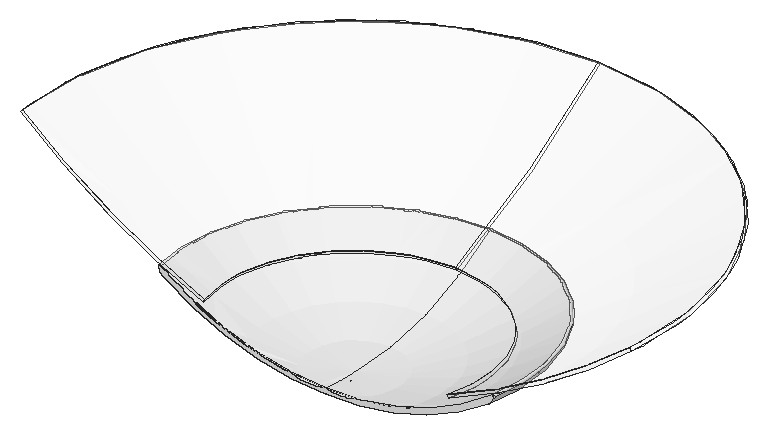
Revit family
Parameters (values of type "150w Uplighter")
  Wattage Comments = "150"
  Wattage = 9.2903 W
  built-in parameter 1150110 = 1 (stored number, unit not read)
  built-in parameter 1114217 = 1 (stored number, unit not read)
  built-in parameter 1150109 = 1 (stored number, unit not read)
  built-in parameter 1150134 = 3
  built-in parameter 1150113 = 1 (stored number, unit not read)
  Material Glass = Glass - White Frosted
  Material Base = Metal - Aluminium
  built-in parameter 1150105 = 109.82 (stored number, unit not read)
  Lumens = 1380 lm
  built-in parameter 1150115 = 1 (stored number, unit not read)
  Lighting Height = 1800 mm
  Light Source Symbol Size = 609.6 mm
  built-in parameter 1150137 = (empty or 0)
  built-in parameter 1150139 = (empty or 0)
  built-in parameter 1150112 = 1 (stored number, unit not read)
  built-in parameter 1150114 = 1 (stored number, unit not read)
  Keynote = "V"
  built-in parameter 1150132 = 2
  built-in parameter 1150102 = (empty or 0)
  built-in parameter 1150107 = 3200 (stored number, unit not read)
  built-in parameter 1150138 = (empty or 0)
  built-in parameter 1150106 = 1.0982 (stored number, unit not read)
  built-in parameter 1150104 = 13.8 (stored number, unit not read)
  Dimming Lamp Color Temperature Shift = (empty or 0)
  Color Filter = 16777215
  built-in parameter 1114218 = 1 (stored number, unit not read)
  built-in parameter 1150133 = 10 (stored number, unit not read)
Reference planes
  plane 1: y = 0
  plane 2 "Light Source Axis (L/R)": x = 125
  plane 3 "Light Source Axis (F/R)": y = 150
  plane 4 "Light Source Elevation": z = 1800
  plane 5: y = 100
  plane 6: z = 1725
  plane 7: y = 218.791
  plane 8: y = 318.791
Forms (mm)
  Revolve 1, solid, material "Metal - Aluminium" <- "Material Base"
    sketch origin (125, 0, 0) x (0, 1, 0) y (0, 0, 1)
      loop
        arc (103, 1724.969) -> (163.048, 1733.91) -> (217.727, 1760.292) r 201.98
        arc (217.727, 1760.292) -> (220.122, 1762.706) -> (221.458, 1765.834) r 9.054
        arc (221.458, 1765.834) -> (220.937, 1766.766) -> (219.872, 1766.697) r 1
        arc (219.872, 1766.697) -> (163.006, 1738.086) -> (100, 1729.001) r 197.98
        line (100, 1729.001) -> (100, 1716.6) -> (105, 1716.6) -> (105, 1723.537) -> (103, 1723.537) -> (103, 1724.969)
      axis (100, 1716.6) -> (100, 1766.697)
    angle from 0 to 360
  Revolve 2, solid, material "Glass - White Frosted" <- "Material Glass"
    sketch origin (125, 0, 0) x (0, 1, 0) y (0, 0, 1)
      loop
        arc (190.366, 1753.504) -> (256.863, 1786.793) -> (318.115, 1828.96) r 536.31
        line (318.115, 1828.96) -> (316.558, 1830.916)
        arc (316.558, 1830.916) -> (255.591, 1788.945) -> (189.405, 1755.811) r 533.81
        line (189.405, 1755.811) -> (190.366, 1753.504)
      axis (100, 1753.504) -> (100, 1830.916)
    angle from 0 to 360
  Extrusion 3, void
    sketch origin (0, 0, 0) x (0, 1, 0) y (1, 0, 0)
      loop
        line (75, -155.767) -> (75, 414.233) -> (-140, 414.233) -> (-140, -155.767) -> (75, -155.767)
    from -1863.729 to -1661.025
Cuts and joins
  Extrusion 3 cuts Revolve 1
  Extrusion 3 cuts Revolve 2
Text (mm)
  text "Placement side" at (-1682.71, 402.486, 0), in view "Ref. Level"
  text "Placement side" at (0, 2110.396, 2986.058), in view "Left"
  text "Placement side" at (0, 628.478, 3011.967), in view "Right"
Dimensions and locks
  "Lighting Height": level to plane 4 "Light Source Elevation"
  plane 6 to plane 4 "Light Source Elevation" = 75 mm
  aligned and locked: plane 1 to host wall
  aligned and locked: imposter light to plane 2 "Light Source Axis (L/R)"
  aligned and locked: plane 3 "Light Source Axis (F/R)" to imposter light
  aligned and locked: plane 4 "Light Source Elevation" to imposter light
Automatic sketch dimensions
  Revolve 2 sketch curve to Revolve 2 sketch curve = 0 mm  (x2)
  Revolve 2 sketch curve to plane 5 = 0 mm
  host wall to Revolve 2 sketch curve = 15.89 mm
  Revolve 2 sketch curve to plane 7 = 29.387 mm
  Revolve 2 sketch curve to Revolve 2 sketch curve = 0.961 mm
  plane 8 to Revolve 2 sketch curve = 2.233 mm
  plane 8 to Revolve 2 sketch curve = 0.676 mm
  plane 6 to Revolve 2 sketch curve = 40 mm
  Revolve 2 sketch curve to plane 6 = 28.504 mm
  Revolve 2 sketch curve to Revolve 2 sketch curve = 2.308 mm
  plane 4 "Light Source Elevation" to Revolve 2 sketch curve = 15 mm
  plane 4 "Light Source Elevation" to Revolve 2 sketch curve = 28.96 mm
  Extrusion 3 sketch curve to host wall = 0 mm
  host wall to Extrusion 3 sketch curve = 65 mm
  plane 2 "Light Source Axis (L/R)" to Extrusion 3 sketch curve = 289.233 mm
  Extrusion 3 sketch curve to plane 2 "Light Source Axis (L/R)" = 280.767 mm
  Revolve 1 sketch curve to Revolve 1 sketch curve = 0 mm  (x4)
  Revolve 1 sketch curve to plane 5 = 0 mm  (x2)
  plane 6 to Revolve 1 sketch curve = 1.463 mm
  Revolve 1 sketch curve to plane 5 = 3 mm
  Revolve 1 sketch curve to plane 5 = 3.614 mm
  Revolve 1 sketch curve to plane 5 = 5 mm
  Revolve 1 sketch curve to Revolve 1 sketch curve = 5.115 mm
  Revolve 1 sketch curve to Revolve 1 sketch curve = 2.145 mm
  Revolve 1 sketch curve to Revolve 1 sketch curve = 0.587 mm
  Revolve 1 sketch curve to Revolve 1 sketch curve = 0.999 mm
  Revolve 1 sketch curve to Revolve 1 sketch curve = 6.937 mm
  Revolve 1 sketch curve to Revolve 1 sketch curve = 7.821 mm
  plane 6 to Revolve 1 sketch curve = 0.031 mm
  Revolve 1 sketch curve to plane 6 = 4.001 mm
  Revolve 1 sketch curve to Revolve 1 sketch curve = 14.778 mm
  Revolve 1 sketch curve to Revolve 1 sketch curve = 36.755 mm
